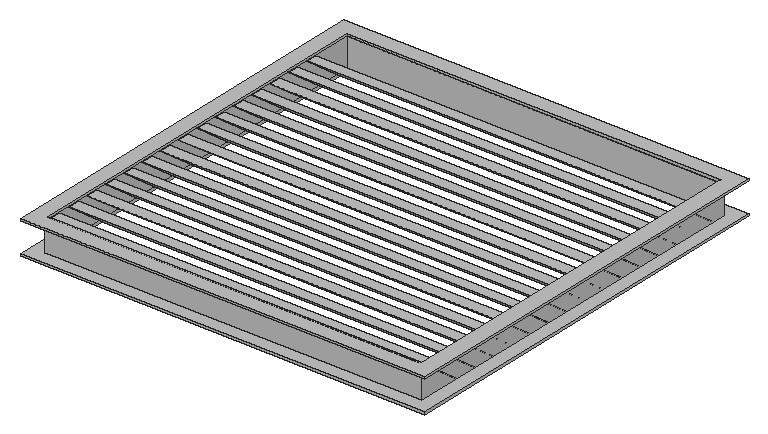
Revit family "Louver-Channel_Frame-Carnes-Rectangular-Drainable_Blade_FPAB", category Air Terminals, host Face, Revit 2012
Parameters (values of type "(See Type Catalog)")
  ecoScorecard_data = ""
  ecoScorecard Product Page = "http://ecoscorecard.com/"
  URL = "http://www.carnes.com/index.html"
  Symbol Blades Quantity [instance] = Louver Width / 2.000"  # 12
  Subcategory = "Louvers and Dampers"
  Specifications  URL = "http://www.carnes.com/Louvers/pdf/17124.pdf"
  Product Page URL = "http://www.carnes.com/Louvers/FPAB-FTAB.htm"
  Product Line = "Extruded Aluminum Drainable Blade Louvers"
  Pressure Drop = 0.00 Pa
  Point of Water Penetration = 805 FPM
  Outside Width = Louver Width + (1.000" * 2)  # 26.000"
  Outside Height = Louver Height + (1.000" * 2)  # 26.000"
  Model = "FPAB"
  Minimum Size = "12\"W x 12\"H"
  Meets Building Code Standards = "Licensed to bear the AMCA seal"
  Maximum Vertical Size = "84\"W x 120\"H"
  Maximum Size Note = "Drainable blade louvers should be limited to 10’ maximum section widths (no more than 10’ between vertical downspouts) to enable the drainable design to function effectively."
  Maximum Horinzontal Size = "120\"W x 84\"H"
  Manufacturer = "Carnes Company"
  Free Area Note = "See Spec Sheet URL"
  Free Area = 0.00 SF
  Description = "Extruded Aluminum Drainable Blade Louvers"
  Connector Description 1 = "Duct Connetor"
  Blades Quantity [instance] = (Louver Height - (Blade Offset from Frame - 1.000")) / 1.470"  # 15
  Manufacturer Phone = "608-845-6411"
  Manufacturer Fax = "608-845-6470"
  Manufacturer Email = "mailto:carnes@carnes.com"
  Manufacturer Address = "448 S. Main St., P. O. Box 930040, Verona, WI 53593-0040"
  Louver Width = 24.000"
  Louver Length = 2.16016"
  Louver Height = 24.000"
  Blades Length [instance] = Louver Length - 0.250"  # 1.91016"
  Frame Material = Aluminum - Carnes - Extruded
  Default Elevation = 48.000"
  Cost Info = "mailto:carnes@carnes.com"
  Catalog URL = "http://www.carnes.com/Louvers/pdf/f22-23.pdf"
  Blades Width [instance] = Louver Width  # 24.000"
  Blade Offset from Frame [instance] = 3.000"
  Blade Material = Aluminum - Carnes - Extruded
  Assembly Code = "D3090700"
  Airflow = 0 CFM
  95 CSI = "10200"
  04 CSI = "08 91 00"
Reference planes (in)
  plane 1 "Center (Elevation)": y = 0
  plane 2: z = 0
  plane 3 "Center (Left/Right)": x = 0
  plane 4: z = -2.16016
  plane 5: z = -0.125
  plane 6: z = -2.03516
  plane 7: z = -1.08008
  plane 8: x = -12
  plane 9: x = 12
  plane 10: x = -13
  plane 11: x = 13
  plane 12: y = 12
  plane 13: y = -12
  plane 14: y = 13
  plane 15: y = -13
  plane 16 "Blade CL": y = 10
Forms (in)
  Extrusion 1, solid, material "Aluminum - Carnes - Extruded" <- "Frame Material"
    sketch origin (0, 0, 0) x (1, 0, 0) y (0, 1, 0)
      loop
        line (-13, 13) -> (-13, -13) -> (13, -13) -> (13, 13) -> (-13, 13)
      loop
        line (-12, 12) -> (-12, -12) -> (12, -12) -> (12, 12) -> (-12, 12)
    from -0.125 to 0
  Extrusion 2, solid, material "Aluminum - Carnes - Extruded" <- "Frame Material"
    sketch origin (0, 0, 0) x (1, 0, 0) y (0, 1, 0)
      loop
        line (-13, 13) -> (-13, -13) -> (13, -13) -> (13, 13) -> (-13, 13)
      loop
        line (-12, 12) -> (-12, -12) -> (12, -12) -> (12, 12) -> (-12, 12)
    from -2.16016 to -2.03516
  Extrusion 3, solid, material "Aluminum - Carnes - Extruded" <- "Frame Material"
    sketch origin (0, 0, 0) x (1, 0, 0) y (0, 1, 0)
      loop
        line (-12, 12) -> (-12, -12) -> (12, -12) -> (12, 12) -> (-12, 12)
      loop
        line (-12.125, 12.125) -> (-12.125, -12.125) -> (12.125, -12.125) -> (12.125, 12.125) -> (-12.125, 12.125)
    from -2.03516 to -0.125
Lines and regions (in)
  Masking region 1, detail levels medium+fine
    outline origin (0, 0, 0) x (1, 0, 0) y (0, 0, 1)
      loop
        line (13, 0) -> (-13, 0) -> (-13, -2.16016) -> (13, -2.16016) -> (13, 0)
  Masking region 2, detail levels medium+fine
    outline origin (0, 0, 0) x (1, 0, 0) y (0, 0, 1)
      loop
        line (13, 0) -> (12, 0) -> (12, -0.125) -> (12.875, -0.125) -> (12.875, -2.03516) -> (12, -2.03516) -> (12, -2.16016) -> (13, -2.16016) -> (13, 0)
      loop
        line (-13, 0) -> (-13, -2.16016) -> (-12, -2.16016) -> (-12, -2.03516) -> (-12.875, -2.03516) -> (-12.875, -0.125) -> (-12, -0.125) -> (-12, 0) -> (-13, 0)
  symbolic lines, detail levels fine
    curve 1: line (12, 0, -0.125) -> (-12, 0, -0.125)
    curve 2: line (12, 0, -2.03516) -> (-12, 0, -2.03516)
  symbolic lines
    curve 3: line (10.568, 0, -0.1875) -> (11.09755, 0, -1.08008)
    curve 4: line (11.62711, 0, -1.97266) -> (12, 0, -1.97266)
    curve 5: line (10.19511, 0, -0.1875) -> (10.568, 0, -0.1875)
    curve 6: line (11.09755, 0, -1.08008) -> (11.62711, 0, -1.97266)
    curve 7: line (8.568, 0, -0.1875) -> (9.09755, 0, -1.08008)
    curve 8: line (9.62711, 0, -1.97266) -> (10, 0, -1.97266)
    curve 9: line (8.19511, 0, -0.1875) -> (8.568, 0, -0.1875)
    curve 10: line (9.09755, 0, -1.08008) -> (9.62711, 0, -1.97266)
    curve 11: line (6.568, 0, -0.1875) -> (7.09755, 0, -1.08008)
    curve 12: line (7.62711, 0, -1.97266) -> (8, 0, -1.97266)
    curve 13: line (6.19511, 0, -0.1875) -> (6.568, 0, -0.1875)
    curve 14: line (7.09755, 0, -1.08008) -> (7.62711, 0, -1.97266)
    curve 15: line (4.568, 0, -0.1875) -> (5.09755, 0, -1.08008)
    curve 16: line (5.62711, 0, -1.97266) -> (6, 0, -1.97266)
    curve 17: line (4.19511, 0, -0.1875) -> (4.568, 0, -0.1875)
    curve 18: line (5.09755, 0, -1.08008) -> (5.62711, 0, -1.97266)
    curve 19: line (2.568, 0, -0.1875) -> (3.09755, 0, -1.08008)
    curve 20: line (3.62711, 0, -1.97266) -> (4, 0, -1.97266)
    curve 21: line (2.19511, 0, -0.1875) -> (2.568, 0, -0.1875)
    curve 22: line (3.09755, 0, -1.08008) -> (3.62711, 0, -1.97266)
    curve 23: line (0.568, 0, -0.1875) -> (1.09755, 0, -1.08008)
    curve 24: line (1.62711, 0, -1.97266) -> (2, 0, -1.97266)
    curve 25: line (0.19511, 0, -0.1875) -> (0.568, 0, -0.1875)
    curve 26: line (1.09755, 0, -1.08008) -> (1.62711, 0, -1.97266)
    curve 27: line (-1.432, 0, -0.1875) -> (-0.90245, 0, -1.08008)
    curve 28: line (-0.37289, 0, -1.97266) -> (0, 0, -1.97266)
    curve 29: line (-1.80489, 0, -0.1875) -> (-1.432, 0, -0.1875)
    curve 30: line (-0.90245, 0, -1.08008) -> (-0.37289, 0, -1.97266)
    curve 31: line (-3.432, 0, -0.1875) -> (-2.90245, 0, -1.08008)
    curve 32: line (-2.37289, 0, -1.97266) -> (-2, 0, -1.97266)
    curve 33: line (-3.80489, 0, -0.1875) -> (-3.432, 0, -0.1875)
    curve 34: line (-2.90245, 0, -1.08008) -> (-2.37289, 0, -1.97266)
    curve 35: line (-5.432, 0, -0.1875) -> (-4.90245, 0, -1.08008)
    curve 36: line (-4.37289, 0, -1.97266) -> (-4, 0, -1.97266)
    curve 37: line (-5.80489, 0, -0.1875) -> (-5.432, 0, -0.1875)
    curve 38: line (-4.90245, 0, -1.08008) -> (-4.37289, 0, -1.97266)
    curve 39: line (-7.432, 0, -0.1875) -> (-6.90245, 0, -1.08008)
    curve 40: line (-6.37289, 0, -1.97266) -> (-6, 0, -1.97266)
    curve 41: line (-7.80489, 0, -0.1875) -> (-7.432, 0, -0.1875)
    curve 42: line (-6.90245, 0, -1.08008) -> (-6.37289, 0, -1.97266)
    curve 43: line (-9.432, 0, -0.1875) -> (-8.90245, 0, -1.08008)
    curve 44: line (-8.37289, 0, -1.97266) -> (-8, 0, -1.97266)
    curve 45: line (-9.80489, 0, -0.1875) -> (-9.432, 0, -0.1875)
    curve 46: line (-8.90245, 0, -1.08008) -> (-8.37289, 0, -1.97266)
    curve 47: line (-11.432, 0, -0.1875) -> (-10.90245, 0, -1.08008)
    curve 48: line (-10.37289, 0, -1.97266) -> (-10, 0, -1.97266)
    curve 49: line (-11.80489, 0, -0.1875) -> (-11.432, 0, -0.1875)
    curve 50: line (-10.90245, 0, -1.08008) -> (-10.37289, 0, -1.97266)
Dimensions and locks (in)
  equal spacing: plane 10, plane 3 "Center (Left/Right)", plane 11
  "Outside Width": plane 10 to plane 11
  equal spacing: plane 15, plane 1 "Center (Elevation)", plane 14
  "Outside Height": plane 15 to plane 14
  locked: plane 2 to plane 5 at 0.125
  locked: plane 6 to plane 4 at 0.125
  "Louver Length": plane 2 to plane 4
  equal spacing: plane 5, plane 7, plane 6
  "Blade Offset from Frame": plane 14 to plane 16 "Blade CL"
  locked: Masking region 2 sketch curve to plane 11 at 0.125
  locked: Extrusion 3 sketch curve to Extrusion 3 sketch curve at 0.125  (x4)
  locked: plane 15 to Extrusion 2 sketch curve at 1
  locked: Extrusion 2 sketch curve to plane 11 at 1
  locked: plane 10 to Extrusion 2 sketch curve at 1
  locked: plane 14 to Extrusion 2 sketch curve at 1
  equal spacing: group 1, group 2, group 3, group 4, group 5, group 6, group 7, group 8, group 9, group 10, group 11, group 12, group 13, group 14, group 15  (x2)
  equal spacing: group 15, group 14, group 13, group 12, group 11, group 10, group 9, group 8, group 7, group 6, group 5, group 4, group 3, group 2, group 1
  nested 2 to plane 16 "Blade CL" = 1.470"
  equal spacing: plane 8, plane 3 "Center (Left/Right)", plane 9
  "Louver Width": plane 8 to plane 9
  equal spacing: plane 13, plane 1 "Center (Elevation)", plane 12
  "Louver Height": plane 13 to plane 12
  locked: nested 1 to nested 2 at 1.47
  locked: curve 5 to plane 5 at 0.0625
  locked: plane 6 to curve 4 at 0.0625
  locked: curve 5 to plane 9 at 1.80489
  equal spacing: group 27, group 26, group 25, group 24, group 23, group 22, group 21, group 20, group 19, group 18, group 17, group 16
  equal spacing: group 16, group 17, group 18, group 19, group 20, group 21, group 22, group 23, group 24, group 25, group 26, group 27  (x2)
  locked: curve 6 to curve 10 at 2
  aligned and locked: plane 2 to host face
  aligned and locked: host face to level
  aligned and locked: plane 10 to Extrusion 1 sketch curve
  aligned and locked: Extrusion 1 sketch curve to plane 14
  aligned and locked: plane 15 to Extrusion 1 sketch curve
  aligned and locked: plane 11 to Extrusion 1 sketch curve
  aligned and locked: plane 8 to Extrusion 1 sketch curve
  aligned and locked: Extrusion 1 sketch curve to plane 12
  aligned and locked: plane 13 to Extrusion 1 sketch curve
  aligned and locked: plane 9 to Extrusion 1 sketch curve
  aligned and locked: Extrusion 1 to plane 5
  aligned and locked: plane 2 to Extrusion 1
  aligned and locked: Extrusion 2 sketch curve to Extrusion 1  (x3)
  aligned and locked: Extrusion 1 to Extrusion 2 sketch curve
  aligned and locked: plane 6 to Extrusion 2
  aligned and locked: Extrusion 2 to plane 4
  aligned and locked: plane 5 to Extrusion 3
  aligned and locked: Extrusion 3 to plane 6
  aligned and locked: plane 11 to Masking region 1 sketch curve
  aligned and locked: Masking region 1 sketch curve to plane 2
  aligned and locked: plane 4 to Masking region 1 sketch curve
  aligned and locked: plane 10 to Masking region 1 sketch curve
  aligned and locked: Masking region 2 sketch curve to plane 11
  aligned and locked: plane 4 to Masking region 2 sketch curve
  aligned and locked: curve 1 to plane 5
  aligned and locked: curve 2 to plane 6
  aligned and locked: plane 2 to Masking region 2 sketch curve
  aligned and locked: Masking region 2 sketch curve to plane 5
  aligned and locked: plane 9 to Masking region 2 sketch curve
  aligned and locked: Masking region 2 sketch curve to plane 9
  aligned and locked: Masking region 2 sketch curve to plane 6
  aligned and locked: Masking region 2 sketch curve to plane 4
  aligned and locked: plane 8 to Masking region 2 sketch curve
  aligned and locked: plane 6 to Masking region 2 sketch curve
  aligned and locked: plane 5 to Masking region 2 sketch curve
  aligned and locked: Masking region 2 sketch curve to plane 8
  aligned and locked: Masking region 2 sketch curve to plane 2
  aligned and locked: plane 10 to Masking region 2 sketch curve
  aligned and locked: plane 8 to curve 1
  aligned and locked: plane 8 to curve 2
  aligned and locked: plane 9 to curve 1
  aligned and locked: plane 9 to curve 2
  aligned and locked: plane 3 "Center (Left/Right)" to nested 1
  aligned and locked: plane 7 to nested 1
  aligned and locked: nested 1 to plane 16 "Blade CL"
  aligned and locked: Extrusion 3 sketch curve to plane 13
  aligned and locked: plane 9 to Extrusion 3 sketch curve
  aligned and locked: plane 8 to Extrusion 3 sketch curve
  aligned and locked: Extrusion 3 sketch curve to plane 12
  aligned and locked: plane 9 to curve 4
Automatic sketch dimensions
  host sketch curve to host sketch curve = 79.90147"
  host sketch curve to host sketch curve = 69.44931"
  plane 10 to Masking region 2 sketch curve = 0.125"
  curve 5 to curve 4 = 2.28854"
  curve 5 to curve 5 = 0.37289"
  curve 6 to curve 4 = 0.37289"
  curve 4 to curve 5 = 2.28854"
Nested families (in)
  nested 1: "Louver_Blade-Carnes-Short" at (0, 9.67745, -1.08008), type "Standard"
    with Width 24.000", Length 1.91016"
  nested 2: "Louver_Blade-Carnes-Short" at (0, 8.20745, -1.08008), type "Standard"
    with Width 24.000", Length 1.91016"
  nested 3: "Louver_Blade-Carnes-Short" at (0, 6.73745, -1.08008), type "Standard"
    with Width 24.000", Length 1.91016"
  nested 4: "Louver_Blade-Carnes-Short" at (0, 5.26745, -1.08008), type "Standard"
    with Width 24.000", Length 1.91016"
  nested 5: "Louver_Blade-Carnes-Short" at (0, 3.79745, -1.08008), type "Standard"
    with Width 24.000", Length 1.91016"
  nested 6: "Louver_Blade-Carnes-Short" at (0, 2.32745, -1.08008), type "Standard"
    with Width 24.000", Length 1.91016"
  nested 7: "Louver_Blade-Carnes-Short" at (0, 0.85745, -1.08008), type "Standard"
    with Width 24.000", Length 1.91016"
  nested 8: "Louver_Blade-Carnes-Short" at (0, -0.61255, -1.08008), type "Standard"
    with Width 24.000", Length 1.91016"
  nested 9: "Louver_Blade-Carnes-Short" at (0, -2.08255, -1.08008), type "Standard"
    with Width 24.000", Length 1.91016"
  nested 10: "Louver_Blade-Carnes-Short" at (0, -3.55255, -1.08008), type "Standard"
    with Width 24.000", Length 1.91016"
  nested 11: "Louver_Blade-Carnes-Short" at (0, -5.02255, -1.08008), type "Standard"
    with Width 24.000", Length 1.91016"
  nested 12: "Louver_Blade-Carnes-Short" at (0, -6.49255, -1.08008), type "Standard"
    with Width 24.000", Length 1.91016"
  nested 13: "Louver_Blade-Carnes-Short" at (0, -7.96255, -1.08008), type "Standard"
    with Width 24.000", Length 1.91016"
  nested 14: "Louver_Blade-Carnes-Short" at (0, -9.43255, -1.08008), type "Standard"
    with Width 24.000", Length 1.91016"
  nested 15: "Louver_Blade-Carnes-Short" at (0, -10.90255, -1.08008), type "Standard"
    with Width 24.000", Length 1.91016"
Connectors (in)
  hvac at (0, 0, -2.16016), driven by "Louver Height", driven by "Louver Width", driven by "Connector Description 1", driven by "Airflow", driven by "Pressure Drop"
    settings: on Extrusion 2, index 1, duct flow 0 CFM, flow factor 0, pres drop 0.00 Pa, loss coef 0, conn angle 0.00°, conn width 24", conn height 24", conn radius 12", duct sys type 29, conn prof type 1, flow config 0, flow direction 0, loss method 4, conn ref index -1, conn util no, is conn primary yes, conn desc "Duct Connetor"
Definition of nested family "Louver_Blade-Carnes-Short"
  Parameters (values of type "Standard")
    Width = 48.000"
    Depth = 2.53466"
    Blade Material = Aluminum - Carnes - Extruded
    Length = 1.910"
    Assembly Code = ""
  Reference planes (in)
    plane 1: z = 0
    plane 2 "Center (Left/Right)": x = 0
    plane 3: y = 1.58987
    plane 4: z = 0.955
    plane 5: z = -0.955
    plane 6: x = -24
    plane 7: x = 24
    plane 8: y = -0.94478
    plane 9: y = 0.32255
  Forms (in)
    Sweep 1, solid, material "Aluminum - Carnes - Extruded" <- "Blade Material"
      path origin (0, 0, 0) x (1, 0, 0) y (0, 1, 0)
        loop
          line (-24, 0) -> (24, 0)
      profile origin (0, 0, 0) x (0, 1, 0) y (0, 0, 1)
        loop
          line (-0.94478, 0.955) -> (1.58987, -0.955) -> (1.58987, -0.65812) -> (1.52737, -0.65812) -> (1.52737, -0.82902) -> (-0.75649, 0.892) -> (-0.21875, 0.892) -> (-0.21875, 0.955) -> (-0.94478, 0.955)
  Dimensions and locks (in)
    equal spacing: plane 5, plane 1, plane 4
    "Length": plane 5 to plane 4
    equal spacing: plane 6, plane 2 "Center (Left/Right)", plane 7
    "Width": plane 6 to plane 7
    equal spacing: plane 8, plane 9, plane 3
    "Depth": plane 8 to plane 3
    locked: plane 4 to Sweep 1 sketch curve at 0.063
    locked: Sweep 1 sketch curve to plane 3 at 0.0625
    locked: plane 5 to Sweep 1 sketch curve at 0.29688
    locked: plane 8 to Sweep 1 sketch curve at 0.72603
    locked: Sweep 1 sketch curve to Sweep 1 sketch curve at 0.063
    locked: plane 9 to Sweep 1 sketch curve at 0.32255
    aligned and locked: plane 5 to Sweep 1 sketch curve
    aligned and locked: Sweep 1 sketch curve to plane 4
    aligned and locked: Sweep 1 sketch curve to plane 3
  Automatic sketch dimensions
    Sweep 1 sketch curve to plane 6 = 0.000"
    Sweep 1 sketch curve to plane 7 = 0.000"
    Sweep 1 sketch curve to Sweep 1 sketch curve = 0.12598"
